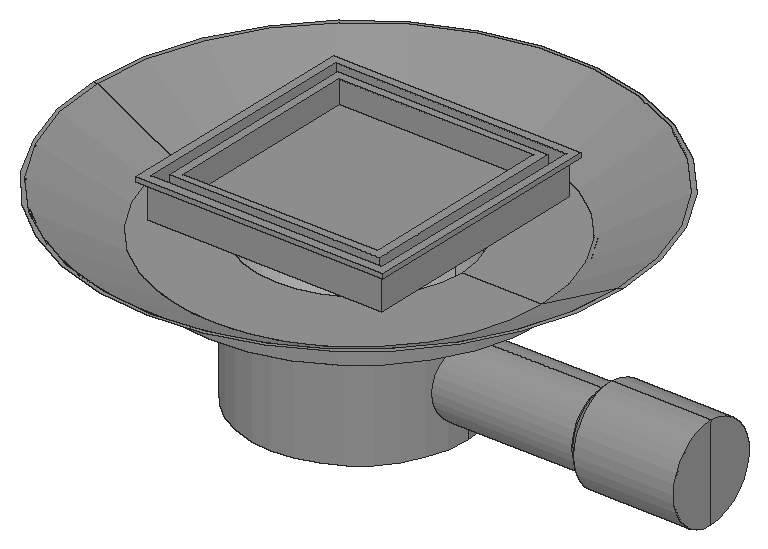
Revit family "HL_Трап для внутренних помещений_HL510N-3020", category Instalační zařizovací předměty, Revit 2016
Family settings
  Typ součásti = Normální
  Kóta kulaté spojky = Použít průměr
  Číslo OmniClass = 23.70.50.21.24.14
  Nadpis OmniClass = Deck Waste Water Drains
  Založené na pracovní rovině = Ne
  Vždy vertikální = Ano
  Ořezat dutým tvarem při načtení = Ne
  Sdílené = Ano
  Bod výpočtu místnosti = Ano
Parameters (values of type "HL510N-3020")
  РЕШЁТКА = "112 x 112 mm / ABS-V4A"
  РАЗМЕР = "DN40/50"
  ПРОПУСКНАЯ СПОСОБНОСТЬ = 0.55 L/s
  ПРОИЗВОДИТЕЛЬНОСТЬ = "0,55 l/s"
  ПРАВОВАЯ ИНФОРМАЦИЯ = "Авторские права(©), права на дизайн или какие либо другие права интелектуальной собственности являются исключительной собственностью компании HL Hutterer & Lechner. Изменению не подлежит. Файл семейства с данными о прозводителе изделия защищен паролем с водяным знаком."  # constant formula
  НОМИНАЛЬНЫЙ ДИАМЕТР [instance] = 50 mm
  НАСАДКА = "10 - 80 mm / 132 x 132 mm / PP-V4A"
  МАТЕРИАЛ = "PE"
  МАКСИМАЛЬНАЯ НАГРУЗКА КЛАССА = "K3 - 300 kg"
  ВЫСОТА МОНТАЖА = "111 mm"
  ВЕС = "0,84 [kg]"
  Připojení ventilace = no
  Výrobce = "HL Hutterer & Lechner GmbH"  # constant formula
  URL = "http://www.hutterer-lechner.com/ru/Products/catalog/floor-drains/attachments/HL510N-3020.aspx"
  Připojení odpadu = yes
  Připojení HW = no
  Popis = "Трапы для внутренних помещений"
  Model = "HL510N-3020"
  Komentáře k typům = "HL510N-3020 Трап для внутренний помещений с гидрозатвором, горизонтальный DN40/50, с надставным элементом для вклеивания керамической плитки 132х132/112х112 мм"
  Keynote = "HL510N-3020"
  Высота монтажа [instance] = 111 mm
  EAN = "9003076034406"
  Připojení CW = no
  C [instance] = if(НОМИНАЛЬНЫЙ ДИАМЕТР = 50 mm, 188 mm, 130 mm)  # 188 mm
  B [instance] = Высота монтажа - 30 mm  # 81 mm
  A [instance] = if(B - 100 mm > 15 mm, B - 100 mm, 15 mm)  # 15 mm
Reference planes
  plane 1 "Center (Front/Back)": y = 0
  plane 2: z = 0
  plane 3 "Center (Left/Right)": x = 0
  plane 4 "Ball Joint Vertical": x = 25.45
  plane 5: z = -111
  plane 6: z = -81
Lines and regions (mm)
  model lines, style "InvisibleLines"
    curve 1: line (0, 0, 0) -> (0, 0, 1000)
  reference lines
    curve 2: line (0, 0, -81) -> (188, 0, -81)
  model lines, detail levels coarse+medium
    curve 3: line (0, 0, -81) -> (0, 0, -66)
    curve 4: line (0, 0, -66) -> (66, 0, 0)
    curve 5: line (0, 0, -66) -> (-66, 0, 0)
  symbolic lines, detail levels coarse+medium
    curve 6: line (-75, 75, 0) -> (75, 75, 0)
    curve 7: line (-75, -75, 0) -> (-75, 75, 0)
    curve 8: line (75, -75, 0) -> (-75, -75, 0)
    curve 9: line (75, 75, 0) -> (75, -75, 0)
    curve 10: line (75, 75, 0) -> (145.711, 145.711, 0)
    curve 11: line (75, -75, 0) -> (145.711, -145.711, 0)
    curve 12: line (-75, 75, 0) -> (-145.711, 145.711, 0)
    curve 13: line (-75, -75, 0) -> (-145.711, -145.711, 0)
  symbolic lines, not visible, detail levels coarse+medium
    curve 14: line (-75, 75, 0) -> (75, 75, 0)
    curve 15: line (-75, -75, 0) -> (-75, 75, 0)
    curve 16: line (75, -75, 0) -> (-75, -75, 0)
    curve 17: line (75, 75, 0) -> (75, -75, 0)
    curve 18: line (75, 75, 0) -> (145.711, 145.711, 0)
    curve 19: line (75, -75, 0) -> (145.711, -145.711, 0)
    curve 20: line (-75, 75, 0) -> (-145.711, 145.711, 0)
    curve 21: line (-75, -75, 0) -> (-145.711, -145.711, 0)
Text (mm)
  text "ПОЛ" at (-198.233, 0, -26.556), in view "Drain Construction View"
Dimensions and locks
  locked: plane 4 "Ball Joint Vertical" to plane 3 "Center (Left/Right)" at 25.45
  "Высота монтажа": plane 2 to plane 5
  "A": curve 5 to plane 6
  "B": curve 5 to plane 6
  "B": curve 4 to plane 6
  "B": plane 2 to plane 6
  "C": curve 2 to plane 3 "Center (Left/Right)"
  locked: curve 4 to plane 3 "Center (Left/Right)" (angle 45.00°)
  locked: plane 3 "Center (Left/Right)" to curve 5 (angle 45.00°)
  aligned and locked: level to plane 2
  aligned and locked: plane 2 to curve 1
  aligned and locked: plane 3 "Center (Left/Right)" to curve 1
  aligned and locked: plane 3 "Center (Left/Right)" to curve 2
  aligned and locked: plane 3 "Center (Left/Right)" to curve 3
  aligned and locked: curve 3 to curve 2
  aligned and locked: plane 3 "Center (Left/Right)" to curve 5
  aligned and locked: plane 2 to nested 1
  aligned and locked: nested 3 to plane 5
Automatic sketch dimensions
  level to curve 1 = 1000 mm
  curve 2 to plane 6 = 0 mm
Nested families
  nested 1: "HL_Насадка_HL3020" at (0, 0, 0), type "HL3020_Main Component"
    with Высота монтажа 30 mm, RN 2, RL 13 mm, R no, NL_Test yes, NL 50 mm
  nested 2: "HL_Вкладыш сифона_HL0510.7EKK" at (0, 0, -17.079), type "HL0510.7EKK_Main Component"
  nested 3: "HL_Корпус для трапа внутренних помещений_HL510NK-3020" at (0, 0, -9.949), DN <- "НОМИНАЛЬНЫЙ ДИАМЕТР", type "HL510NK-3020_Main Component"
    with DN 50 mm, B 0 mm, A yes
Connectors
  piping at (188, 0, -81), diameter 50, driven by "ПРОПУСКНАЯ СПОСОБНОСТЬ", driven by "НОМИНАЛЬНЫЙ ДИАМЕТР"
    settings: on curve 2, index 1, connector inside diameter 609.6 mm, connector length 0 mm, flow factor 0, pipe flow 0.55 L/s, pressure drop 0.0 Pa, fitting loss kfactor 0, connector angle 0.00°, fixture units 0, engagement length 0 mm, angle of deflection 0.00°, flow configuration 1, flow direction 2, fitting loss method 0, system type 16, joint type 0, gender type 0, connector reference index -1, connector utility 0, adjustable connector yes, is connector primary yes, connector description ""
Definition of nested family "HL_Насадка_HL3020"
  Parameters (values of type "HL3020")
    РЕШЁТКА = "112 x 112 mm / ABS-V4A"
    РАЗМЕР = "d 110 mm"
    ПРАВОВАЯ ИНФОРМАЦИЯ = "Авторские права(©), права на дизайн или какие либо другие права интелектуальной собственности являются исключительной собственностью компании HL Hutterer & Lechner. Изменению не подлежит. Файл семейства с данными о прозводителе изделия защищен паролем с водяным знаком."  # constant formula
    НАСАДКА = "132 x 132 mm / PP-V4A"
    МАКСИМАЛЬНАЯ НАГРУЗКА КЛАССА = "K3 - 300 kg"
    Высота монтажа [instance] = 100 mm
    ВЫСОТА МОНТАЖА = "30 - 100 mm (10-80 mm)"
    ВЕС = "0,32 [kg]"
    Waste Connection = yes
    Vent Connection = no
    RD = 6.5 mm  # constant formula
    R [instance] = ((Высота монтажа - NL_Min) / RD - 1) > 2  # yes
    RL [instance] = RD * RN  # 84.5 mm
    NL_Test [instance] = and(or(Высота монтажа < NL_Max, Высота монтажа = NL_Max), or(Высота монтажа > NL_Min, Высота монтажа = NL_Min))  # yes
    NL_Min = 30 mm
    NL_Max = 100 mm
    NL [instance] = if(NL_Test, Высота монтажа + 20 mm, 0 mm)  # 120 mm
    RN [instance] = if((Высота монтажа + 20 mm - NL_Min) / RD - 1 < 2, 2, (Высота монтажа + 20 mm - NL_Min) / RD - 1)  # 13
    Manufacturer = "HL Hutterer & Lechner GmbH"  # constant formula
    URL = "http://www.hutterer-lechner.com/ru/products/catalog/floor-drains/attachments/HL3020.aspx"
    HW Connection = no
    Description = "Трапы для внутренних помещений - Комплектующие"
    Model = "HL3020"
    Type Comments = "HL3020 Надставной элемент ?110 мм с подрамником из нержавеющей стали 132х132 мм и вкладышем 112х112 мм для вклеивания керамической плитки"
    Keynote = "HL3020"
    EAN = "9003076034253"
    CW Connection = no
  Reference planes
    plane 1 "Center (Front/Back)": y = 0
    plane 2: z = 0
    plane 3 "Center (Left/Right)": x = 0
    plane 4 "Ball Joint Vertical": x = 25.45
    plane 5: z = -120
  Forms (mm)
    Sweep 1, solid, detail levels fine
      path origin (0, 0, 0) x (1, 0, 0) y (0, 1, 0)
        loop
          line (-66, 66) -> (-66, -66) -> (66, -66) -> (66, 66) -> (-66, 66)
      profile origin (0, 66, 0) x (0, 1, 0) y (0, 0, 1)
        loop
          line (0, 0) -> (-4.35, 0) -> (-4.35, -20.7) -> (-3.55, -20.7) -> (-3.55, -2.5) -> (0, -2.5) -> (0, 0)
        loop
          line (-10, 0) -> (-14, 0) -> (-14, -14) -> (-10, -14) -> (-10, 0)
    Extrusion 2, solid, detail levels fine
      sketch origin (0, 0, 0) x (1, 0, 0) y (0, 1, 0)
        loop
          line (-56, 56) -> (-56, -56) -> (56, -56) -> (56, 56) -> (-56, 56)
      from -12 to -14
    Extrusion 3, solid, detail levels fine
      sketch origin (0, 0, 0) x (1, 0, 0) y (0, 1, 0)
        loop
          line (-61.75, 61.75) -> (-61.75, -61.75) -> (61.75, -61.75) -> (61.75, 61.75) -> (-61.75, 61.75)
      from -20.7 to -19.079
    Revolve 4, solid, detail levels fine
      sketch origin (0, 0, 0) x (1, 0, 0) y (0, 0, 1)
        loop
          line (52, -120) -> (52, -20.7) -> (50.2, -20.7) -> (50.2, -120) -> (52, -120)
        axis (0, -20.7) -> (0, -120)
      angle from 0 to 360
  Lines and regions (mm)
    symbolic lines
      curve 1: line (0, 0, -120) -> (0, 0, 0)
    model lines
      curve 2: line (0, 0, 0) -> (0, 0, 100)
  Text (mm)
    text "ROOF/FLOOR" at (-198.233, 0, -26.556), in view "Drain Construction View"
  Dimensions and locks
    locked: plane 4 "Ball Joint Vertical" to plane 3 "Center (Left/Right)" at 25.45
    "NL": plane 2 to plane 5
    equal spacing: group 1, group 3, group 4, group 5, group 6, group 7, group 8, group 9, group 10, group 11, group 12, group 13, group 2  (x3)
    "RL": nested 2 to nested 1
    locked: nested 1 to plane 5 at 1.516
    aligned and locked: level to plane 2
    aligned and locked: plane 3 "Center (Left/Right)" to nested 1
    aligned and locked: plane 1 "Center (Front/Back)" to nested 1
    aligned and locked: plane 2 to curve 1
    aligned and locked: plane 5 to curve 1
    aligned and locked: Sweep 1 to Revolve 4 sketch curve
    aligned and locked: plane 5 to Revolve 4 sketch curve
  Automatic sketch dimensions
    Sweep 1 sketch curve to plane 3 "Center (Left/Right)" = 66 mm
    plane 4 "Ball Joint Vertical" to Sweep 1 sketch curve = 40.55 mm
    plane 1 "Center (Front/Back)" to Sweep 1 sketch curve = 66 mm
    Sweep 1 sketch curve to plane 1 "Center (Front/Back)" = 66 mm
    Sweep 1 sketch curve to profile plane = 0 mm  (x3)
    profile plane to Sweep 1 sketch curve = 3.55 mm
    Sweep 1 sketch curve to Sweep 1 sketch curve = 0.8 mm
    Sweep 1 sketch curve to Sweep 1 sketch curve = 5.65 mm
    Sweep 1 sketch curve to Sweep 1 sketch curve = 4 mm
    Sweep 1 sketch curve to profile plane = 2.5 mm
    Sweep 1 sketch curve to Sweep 1 sketch curve = 11.5 mm
    Sweep 1 sketch curve to Sweep 1 sketch curve = 6.7 mm
    Extrusion 2 sketch curve to plane 3 "Center (Left/Right)" = 56 mm
    plane 4 "Ball Joint Vertical" to Extrusion 2 sketch curve = 30.55 mm
    plane 1 "Center (Front/Back)" to Extrusion 2 sketch curve = 56 mm
    Extrusion 2 sketch curve to plane 1 "Center (Front/Back)" = 56 mm
    Extrusion 3 sketch curve to plane 3 "Center (Left/Right)" = 61.75 mm
    plane 4 "Ball Joint Vertical" to Extrusion 3 sketch curve = 36.3 mm
    plane 1 "Center (Front/Back)" to Extrusion 3 sketch curve = 61.75 mm
    Extrusion 3 sketch curve to plane 1 "Center (Front/Back)" = 61.75 mm
    Revolve 4 sketch curve to plane 3 "Center (Left/Right)" = 0 mm
    plane 4 "Ball Joint Vertical" to Revolve 4 sketch curve = 24.75 mm
    Revolve 4 sketch curve to Revolve 4 sketch curve = 1.8 mm
    Revolve 4 sketch curve to level = 22.222 mm
    level to Revolve 4 sketch curve = 10 mm
    curve 2 to plane 3 "Center (Left/Right)" = 0 mm
    level to curve 2 = 100 mm
  Nested families
    nested 1: "Ring" at (0, 0, -118.484), visible <- "R", type "Ring"
      with R 52 mm, D 104 mm
    nested 2: "Ring" at (0, 0, -33.984), visible <- "R", type "Ring"
      with R 52 mm, D 104 mm
    nested 3: "Ring" at (0, 0, -111.442), visible <- "R", type "Ring"
      with R 52 mm, D 104 mm
    nested 4: "Ring" at (0, 0, -104.401), visible <- "R", type "Ring"
      with R 52 mm, D 104 mm
    nested 5: "Ring" at (0, 0, -97.359), visible <- "R", type "Ring"
      with R 52 mm, D 104 mm
    nested 6: "Ring" at (0, 0, -90.317), visible <- "R", type "Ring"
      with R 52 mm, D 104 mm
    nested 7: "Ring" at (0, 0, -83.276), visible <- "R", type "Ring"
      with R 52 mm, D 104 mm
    nested 8: "Ring" at (0, 0, -76.234), visible <- "R", type "Ring"
      with R 52 mm, D 104 mm
    nested 9: "Ring" at (0, 0, -69.192), visible <- "R", type "Ring"
      with R 52 mm, D 104 mm
    nested 10: "Ring" at (0, 0, -62.151), visible <- "R", type "Ring"
      with R 52 mm, D 104 mm
    nested 11: "Ring" at (0, 0, -55.109), visible <- "R", type "Ring"
      with R 52 mm, D 104 mm
    nested 12: "Ring" at (0, 0, -48.067), visible <- "R", type "Ring"
      with R 52 mm, D 104 mm
    nested 13: "Ring" at (0, 0, -41.026), visible <- "R", type "Ring"
      with R 52 mm, D 104 mm
  Definition of nested family "Ring"
    Parameters (values of type "Ring")
      Manufacturer = ""
      URL = ""
      R = D / 2  # 51.5 mm
      Description = ""
      Model = ""
      Material = none
      Type Comments = ""
      D = 103 mm
      Cost = 0
    Reference planes
      plane 1 "Střed (vpředu/vzadu)": y = 0
      plane 2: z = 0
      plane 3 "Střed (vlevo/vpravo)": x = 0
    Forms (mm)
      Revolve 1, solid, material <- "Material", detail levels fine
        sketch origin (0, 0, 0) x (1, 0, 0) y (0, 0, 1)
          loop
            line (-51.5, 1.482) -> (-54.764, 0) -> (-51.5, -1.516) -> (-51.5, 1.482)
          axis (0, 1.482) -> (0, -1.516)
        angle from 0 to 360
    Dimensions and locks
      "R": Revolve 1 sketch curve to plane 3 "Střed (vlevo/vpravo)"
      aligned and locked: level to plane 2
      aligned and locked: Revolve 1 sketch curve to plane 3 "Střed (vlevo/vpravo)"
    Automatic sketch dimensions
      Revolve 1 sketch curve to level = 0 mm
      Revolve 1 sketch curve to Revolve 1 sketch curve = 3.264 mm
      Revolve 1 sketch curve to level = 1.516 mm
      level to Revolve 1 sketch curve = 1.482 mm
      Revolve 1 sketch curve to level = 381 mm
      Revolve 1 sketch curve to Revolve 1 sketch curve = 2212.833 mm
Definition of nested family "HL_Вкладыш сифона_HL0510.7EKK"
  Parameters (values of type "HL0510.7EKK")
    ПРАВОВАЯ ИНФОРМАЦИЯ = "Авторские права(©), права на дизайн или какие либо другие права интелектуальной собственности являются исключительной собственностью компании HL Hutterer & Lechner. Изменению не подлежит. Файл семейства с данными о прозводителе изделия защищен паролем с водяным знаком."  # constant formula
    МАТЕРИАЛ = "PP"
    ВЕС = "0,08 [kg]"
    Waste Connection = yes
    Vent Connection = no
    Manufacturer = "HL Hutterer & Lechner GmbH"  # constant formula
    URL = "http://www.hutterer-lechner.com/ru/products/catalog/floor-drains/attachments/HL0510.7ekk.aspx"
    HW Connection = no
    Description = "Трапы для внутренних помещений - Комплектующие"
    Model = "HL0510.7EKK"
    Type Comments = "HL0510.7EKK Вкладыш запахозапирающий комплектный для системы \"KLICK-KLACK\""
    Keynote = "HL0510.7EKK"
    EAN = "9003076015832"
    CW Connection = no
  Reference planes
    plane 1 "Center (Front/Back)": y = 0
    plane 2: z = 0
    plane 3 "Center (Left/Right)": x = 0
    plane 4 "Ball Joint Vertical": x = 25.45
  Forms (mm)
    Revolve 1, solid, detail levels fine
      sketch origin (0, 0, 0) x (0, 1, 0) y (0, 0, 1)
        loop
          line (53, 0) -> (45, 0) -> (45, -26.014) -> (43.906, -33.62) -> (43.1, -33.62) -> (43.1, -68.2) -> (20, -68.2) -> (20, -11) -> (18.2, -11) -> (18.2, -70) -> (45, -70) -> (45, -36) -> (48.9, -36) -> (48.9, -14) -> (49.7, -14) -> (49.7, -2) -> (53, -2) -> (53, 0)
        loop
          line (36.005, -61) -> (36.005, -2)
          arc (36.005, -2) -> (35.419, -0.586) -> (34.005, 0) r 2
          line (34.005, 0) -> (0, 0) -> (0, -1.8) -> (34.207, -1.8) -> (34.207, -61) -> (36.005, -61)
        axis (0, 0) -> (0, -70)
      angle from 0 to 360
    Extrusion 2, solid, detail levels fine
      sketch origin (0, 0, 0) x (1, 0, 0) y (0, 1, 0)
        loop
          line (4, 23) -> (-4, 23) -> (-4, 5.7) -> (-24.1, 5.7) -> (-24.1, -5.7) -> (-4, -5.7) -> (-4, -23) -> (4, -23) -> (4, -5.7) -> (24.1, -5.7) -> (24.1, 5.7) -> (4, 5.7) -> (4, 23)
      from -82.5 to -81
    Extrusion 3, solid, detail levels fine
      sketch origin (0, 0, 0) x (1, 0, 0) y (0, 1, 0)
        loop
          line (-18.9, 5.7) -> (-24.1, 5.7) -> (-24.1, -5.7) -> (-18.9, -5.7) -> (-18.9, 5.7)
        loop
          line (18.9, 5.7) -> (18.9, -5.7) -> (24.1, -5.7) -> (24.1, 5.7) -> (18.9, 5.7)
      from -81 to -70
    Revolve 4, solid, detail levels fine
      sketch origin (0, 0, 0) x (0, 1, 0) y (0, 0, 1)
        loop
          line (49.7, -6.568) -> (49.7, -11.432)
          arc (49.7, -11.432) -> (51.625, -9) -> (49.7, -6.568) r 2.498
        axis (0, -6.568) -> (0, -11.432)
      angle from 0 to 360
  Cuts and joins
    joined: Revolve 1, Extrusion 2, Extrusion 3
  Text (mm)
    text "ROOF/FLOOR" at (-198.233, 0, -26.556), in view "Drain Construction View"
  Dimensions and locks
    locked: plane 4 "Ball Joint Vertical" to plane 3 "Center (Left/Right)" at 25.45
    aligned and locked: level to plane 2
Definition of nested family "HL_Корпус для трапа внутренних помещений_HL510NK-3020"
  Parameters (values of type "HL510NK-3020")
    РАЗМЕР = "DN40/50"
    ПРАВОВАЯ ИНФОРМАЦИЯ = "Авторские права(©), права на дизайн или какие либо другие права интелектуальной собственности являются исключительной собственностью компании HL Hutterer & Lechner. Изменению не подлежит. Файл семейства с данными о прозводителе изделия защищен паролем с водяным знаком."  # constant formula
    МАТЕРИАЛ = "PE"
    ВЫСОТА МОНТАЖА = "111 mm"
    ВЕС = "0,424 [kg]"
    Manufacturer = "HL Hutterer & Lechner GmbH"  # constant formula
    URL = "http://www.hutterer-lechner.com/ru/Products/catalog/floor-drains/attachments/HL510NK-3020.aspx"
    Připojení ventilace = no
    Připojení odpadu = yes
    Připojení HW = no
    Připojení CW = no
    Description = "Трапы для внутренних помещений - Комплектующие"
    Model = "HL510NK-3020"
    Type Comments = "HL510NK-3020 Корпус трапа с горизонтальным выпуском DN40/50, для серии 3020, с монтажной заглушкой"
    Keynote = "HL510NK-3020"
    EAN = "9003076034451"
    DN [instance] = 50 mm
    B [instance] = if(DN = 40 mm, 58 mm, 0 mm)  # 0 mm
    A [instance] = DN = 50 mm  # yes
  Reference planes
    plane 1 "Center (Front/Back)": y = 0
    plane 2: z = 0
    plane 3 "Center (Left/Right)": x = 0
    plane 4 "Ball Joint Vertical": x = 25.45
    plane 5: z = -101.051
    plane 6: z = -71.051
  Forms (mm)
    Revolve 1, solid, detail levels fine
      sketch origin (0, 0, 0) x (1, 0, 0) y (0, 0, 1)
        loop
          line (100, -29.5) -> (100, -21.992) -> (141.039, 0) -> (139.039, 0) -> (98, -21.992) -> (55.35, -21.992) -> (55.35, -98.051) -> (0, -98.051) -> (0, -101.051) -> (58.35, -101.051) -> (58.35, -29.5) -> (100, -29.5)
        axis (0, 0) -> (0, -101.051)
      angle from 0 to 360
    Extrusion 2, solid, detail levels fine
      sketch origin (0, 0, 0) x (1, 0, 0) y (0, 1, 0)
        loop
          line (45.512, 31.5) -> (40.109, 31.5)
          arc (40.109, 31.5) -> (-51, 0) -> (40.109, -31.5) r 51
          line (40.109, -31.5) -> (45.512, -31.5)
          arc (45.512, -31.5) -> (-55.35, 0) -> (45.512, 31.5) r 55.35
      from -42 to -97.951
    Revolve 3, solid, detail levels fine
      sketch origin (0, 0, 0) x (1, 0, 0) y (0, 0, 1)
        loop
          line (129.951, -51.051) -> (51.874, -51.051) -> (51.874, -71.051) -> (129.951, -71.051) -> (129.951, -51.051)
        axis (51.874, -71.051) -> (129.951, -71.051)
      angle from 0 to 360
    Revolve 4, solid, visible <- "A", detail levels fine
      sketch origin (0, 0, 0) x (1, 0, 0) y (0, 0, 1)
        loop
          line (188, -46.051) -> (134.951, -46.051) -> (129.951, -51.051) -> (129.951, -71.051) -> (188, -71.051) -> (188, -46.051)
        axis (129.951, -71.051) -> (188, -71.051)
      angle from 0 to 360
    Extrusion 5, solid, detail levels fine
      sketch origin (0, 0, 0) x (1, 0, 0) y (0, 1, 0)
        loop
          line (-41.515, 63.22) -> (-41.515, 41.003)
          arc (-41.515, 41.003) -> (-36.725, 45.343) -> (-31.485, 49.127) r 58.35
          line (-31.485, 49.127) -> (-31.485, 63.22)
          arc (-31.485, 63.22) -> (-36.5, 68.235) -> (-41.515, 63.22) r 5.015
        loop
          line (31.485, 63.22) -> (31.485, 49.127)
          arc (31.485, 49.127) -> (36.725, 45.343) -> (41.515, 41.003) r 58.35
          line (41.515, 41.003) -> (41.515, 63.22)
          arc (41.515, 63.22) -> (36.5, 68.235) -> (31.485, 63.22) r 5.015
        loop
          line (-41.515, -41.003) -> (-41.515, -63.22)
          arc (-41.515, -63.22) -> (-36.5, -68.235) -> (-31.485, -63.22) r 5.015
          line (-31.485, -63.22) -> (-31.485, -49.127)
          arc (-31.485, -49.127) -> (-36.725, -45.343) -> (-41.515, -41.003) r 58.35
        loop
          line (31.485, -49.127) -> (31.485, -63.22)
          arc (31.485, -63.22) -> (36.5, -68.235) -> (41.515, -63.22) r 5.015
          line (41.515, -63.22) -> (41.515, -41.003)
          arc (41.515, -41.003) -> (36.725, -45.343) -> (31.485, -49.127) r 58.35
      from -29.5 to -42
    Extrusion 6, void
      sketch origin (0, 0, -98.051) x (0, 1, 0) y (1, 0, 0)
        loop
          line (-31.5, 45.512) -> (31.5, 45.512)
          arc (31.5, 45.512) -> (0, 55.35) -> (-31.5, 45.512) r 55.35
      from 0 to -76.059
    Extrusion 7, void
      sketch origin (188, 0, -71.051) x (0, -1, 0) y (0, 0, 1)
        loop
          line (31.5, 29.051) -> (-31.5, 29.051) -> (-31.5, -27) -> (31.5, -27) -> (31.5, 29.051)
      from -10 to 0 <- "B"
  Cuts and joins
    Extrusion 6 cuts Revolve 1
    Extrusion 6 cuts Extrusion 2
    Extrusion 6 cuts Revolve 3
    Extrusion 6 cuts Extrusion 5
    joined: Revolve 1, Extrusion 2, Revolve 3, Extrusion 5
    Extrusion 7 cuts Revolve 4
  Text (mm)
    text "ROOF/FLOOR" at (-198.233, 0, -26.556), in view "Drain Construction View"
  Dimensions and locks
    locked: plane 4 "Ball Joint Vertical" to plane 3 "Center (Left/Right)" at 25.45
    aligned and locked: level to plane 2
